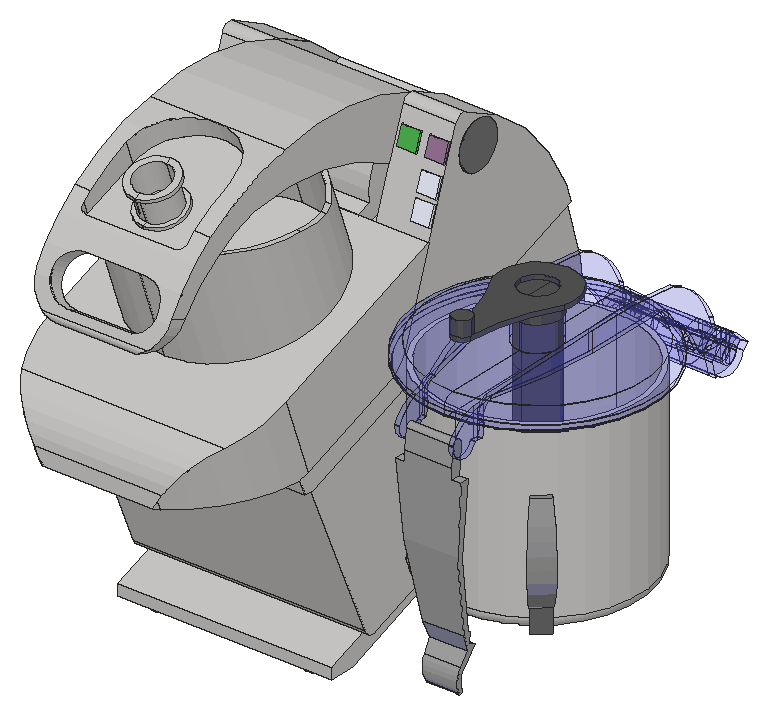
Revit family "QF_DITOSAMA_600432_DTRK45YI", category Specialty Equipment, Revit 2018 (continued)
Definition of nested family "600428_BOWL"
  Lines and regions (mm)
    symbolic lines
      curve 64: line (-42.008, -210.888, 0) -> (-42.008, -197.61, 0)
      curve 65: arc (-128, -18.211, 0) -> (-101.973, 25.34, 0) -> (-60.771, 54.948, 0) r 124.909
      curve 66: arc (-128, -100.142, 0) -> (-134.909, -59.177, 0) -> (-128, -18.211, 0) r 124.909
      curve 67: line (-108, -177.764, 0) -> (-49.233, -177.764, 0)
      curve 68: line (-128, 191, 0) -> (-128, -17.764, 0)
      curve 69: line (29.233, -177.764, 0) -> (108, -177.764, 0)
      curve 70: line (-128, -97.764, 0) -> (-128, -157.764, 0)
      curve 71: line (-108, 211, 0) -> (108, 211, 0)
      curve 72: arc (-128, -157.764, 0) -> (-122.142, -171.906, 0) -> (-108, -177.764, 0) r 20
      curve 73: arc (108, -177.764, 0) -> (122.142, -171.906, 0) -> (128, -157.764, 0) r 20
      curve 74: arc (128, 191, 0) -> (122.142, 205.142, 0) -> (108, 211, 0) r 20
      curve 75: arc (-108, 211, 0) -> (-122.142, 205.142, 0) -> (-128, 191, 0) r 20
      curve 76: line (45.852, 123.86, 0) -> (-71.073, 123.86, 0)
      curve 77: line (45.852, 137.378, 0) -> (-65.852, 137.378, 0)
      curve 78: line (45.852, 143.082, 0) -> (-65.852, 143.082, 0)
      curve 79: line (53.607, 123.86, 0) -> (45.852, 123.86, 0)
      curve 80: line (45.852, 123.86, 0) -> (45.852, 170.216, 0)
      curve 81: line (45.852, 170.216, 0) -> (-65.852, 170.216, 0)
      curve 82: line (-65.852, 170.216, 0) -> (-65.852, 123.86, 0)
      curve 83: line (102.599, 101.361, 0) -> (117.599, 101.361, 0)
  Dimensions and locks
    plane 4 "TOP" to level = 705.4 mm  (x2)
    plane 7 "LEFT" to plane 3 "Center (Left/Right)" to plane 8 "RIGHT" = 128 mm, 128 mm
    plane 6 "BACK" to plane 1 "Center (Front/Back)" to plane 5 "FRONT" = 211 mm, 211 mm
    plane 6 "BACK" to plane 5 "FRONT" = 422 mm
    plane 7 "LEFT" to plane 8 "RIGHT" = 256 mm
    plane 9 "CenterX" to plane 3 "Center (Left/Right)" = 10 mm
    plane 12 to level = 510 mm
    aligned and locked: level to plane 2
    aligned and locked: Extrusion 5 to cut or joined group of Extrusion 8, Extrusion 9, Extrusion 11, Extrusion 20
